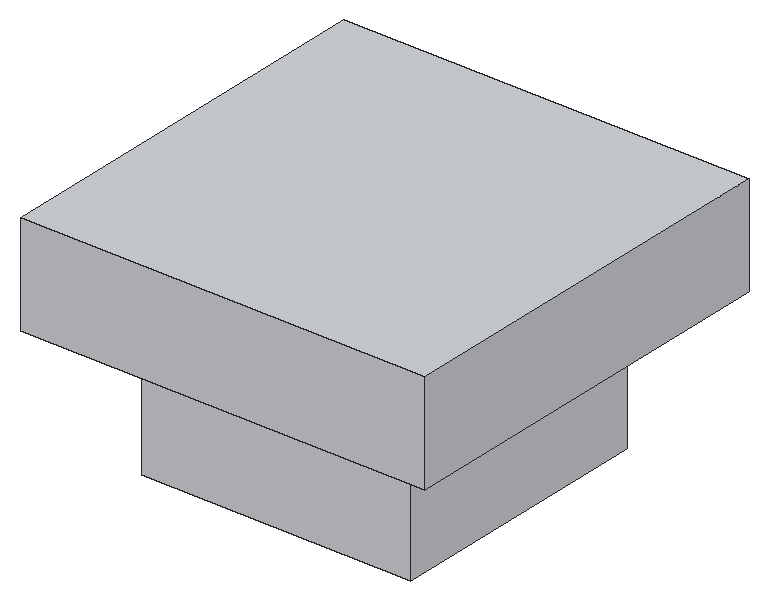
Revit family "Steady State Speed Controller", category Mechanical Control Devices, host Face, Revit 2025
Family settings
  Host = Face
  Round Connector Dimension = Use Diameter
  Part Type = Normal
  Cut with Voids When Loaded = No
  Maintain Annotation Orientation = Yes
  Shared = No
  Room Calculation Point = No
Parameters (values of type "SSC (Wall Mounted)")
  Width = 3"
  Wall Mounted = yes
  Rotate [instance] = no
  Label = "ATS"
  Height = 3"
  Default Elevation = 48"
  Ceiling Mounted = no
Types (2): name | Wall Mounted | Rotate | Label | Ceiling Mounted
  SSC (Wall Mounted) | yes | no | "ATS" | no
  SSC (Ceiling Mounted) | no | yes | "SSC" | yes
Reference planes (in)
  plane 1 "Center (Front/Back)": y = 0
  plane 2: z = 0
  plane 3 "Center (Left/Right)": x = 0
  plane 4: z = 0.75
  plane 5: z = -1
Forms (in)
  Extrusion 1, solid
    sketch origin (0, 0, 0) x (1, 0, 0) y (0, 1, 0)
      loop
        line (-1.5, 1.5) -> (-1.5, -1.5) -> (1.5, -1.5) -> (1.5, 1.5) -> (-1.5, 1.5)
    from 0 to 0.75
  Extrusion 2, solid
    sketch origin (0, 0, 0) x (1, 0, 0) y (0, 1, 0)
      loop
        line (-1, 1) -> (-1, -1) -> (1, -1) -> (1, 1) -> (-1, 1)
    from 0 to -1
Dimensions and locks (in)
  equal spacing: Extrusion 1 sketch curve, plane 3 "Center (Left/Right)", Extrusion 1 sketch curve
  equal spacing: Extrusion 1 sketch curve, plane 1 "Center (Front/Back)", Extrusion 1 sketch curve
  "Height": Extrusion 1 sketch curve to Extrusion 1 sketch curve
  "Width": Extrusion 1 sketch curve to Extrusion 1 sketch curve
  plane 4 to plane 2 = 3/4"
  equal spacing: Extrusion 2 sketch curve, plane 3 "Center (Left/Right)", Extrusion 2 sketch curve
  equal spacing: Extrusion 2 sketch curve, plane 1 "Center (Front/Back)", Extrusion 2 sketch curve
  plane 1 "Center (Front/Back)" to Extrusion 2 sketch curve = 1"
  plane 3 "Center (Left/Right)" to Extrusion 2 sketch curve = 1"
  plane 2 to plane 5 = 1"
  aligned and locked: plane 2 to host face
  aligned and locked: level to host face
  aligned and locked: plane 4 to Extrusion 1
  aligned and locked: Extrusion 2 to plane 5
Automatic sketch dimensions
  host sketch curve to host sketch curve = 96"  (x2)
Nested families (in)
  nested 1: "Wall Symbol" at (0, 0, 0), visible <- "Wall Mounted", type "Standard"
  nested 2: "Ceiling Symbol" at (0, 0, 0), visible <- "Ceiling Mounted", type "Standard"
Definition of nested family "Wall Symbol"
  Parameters (values of type "Standard")
    Rotate = yes
    Not Rotate = not(Rotate)  # no
    Label = "ATS"
  Reference planes (in)
    plane 1: y = 0
    plane 2: x = 0
  Lines and regions (in)
    detail lines
      curve 1: line (-0.125, 0.25, 0) -> (0.125, 0.25, 0)
      curve 2: line (-0.125, 0, 0) -> (-0.125, 0.25, 0)
      curve 3: line (0.125, 0, 0) -> (-0.125, 0, 0)
      curve 4: line (0.125, 0.25, 0) -> (0.125, 0, 0)
  Text (in)
    label "ATS" at (0.00258, 0.12377, 0), shows "Label", visible <- "Not Rotate"
    label "ATS" at (0.00258, 0.12377, 0), shows "Label", visible <- "Rotate"
  Dimensions and locks (in)
    equal spacing: curve 2, plane 2, curve 4
    plane 2 to curve 4 = 1/8"
Definition of nested family "Ceiling Symbol"
  Parameters (values of type "Standard")
    Label = "ATS"
  Reference planes (in)
    plane 1: y = 0
    plane 2: x = 0
  Lines and regions (in)
    detail lines
      curve 1: line (-0.125, 0.125, 0) -> (0.125, 0.125, 0)
      curve 2: line (-0.125, -0.125, 0) -> (-0.125, 0.125, 0)
      curve 3: line (0.125, -0.125, 0) -> (-0.125, -0.125, 0)
      curve 4: line (0.125, 0.125, 0) -> (0.125, -0.125, 0)
  Text (in)
    label "ATS" at (0.00258, -0.00123, 0), shows "Label"
  Dimensions and locks (in)
    equal spacing: curve 2, plane 2, curve 4
    equal spacing: curve 1, plane 1, curve 3
    plane 1 to curve 1 = 1/8"
